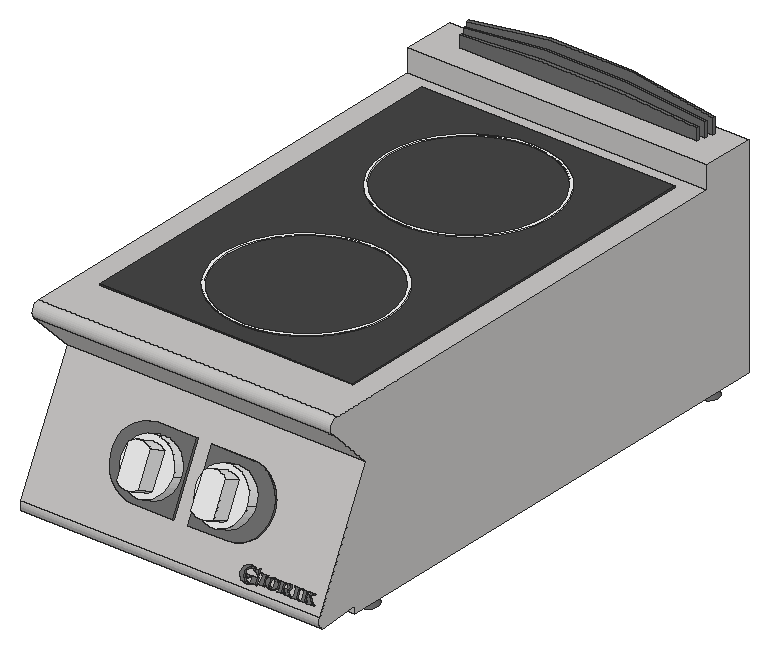
Revit family "QF_GIORIK_CI720T", category Specialty Equipment, Revit 2014
Parameters (values of type "CI720T")
  Weight in Pounds = 99.2079
  Watts = 7000 W
  Volts = 400 V
  URL Cutsheet = "www.giorik.com"
  URL = "www.giorik.com"
  Status [instance] = ""
  Specification by User [instance] = ""
  Specification by Manufacturer = ""
  Show Logo [instance] = yes
  Show Clearance [instance] = yes
  Serial Number = ""
  Seismic Rating = ""
  SMACNA No = ""
  Revision Code [instance] = ""
  Phase = 3
  Number of Poles [instance] = 3
  NAFEM Spec ID Number = ""
  Model = "CI720T"
  Min Ckt Ampacity = 0 A
  Max Overcurrent Protection = 0 A
  Masterspec = ""
  Manufacturer = "GIORIK"
  Item Number [instance] = ""
  Installed By [instance] = ""
  Identify Quantity as Lot [instance] = no
  HP = "9.387140000000"
  Furnished By [instance] = ""
  Foodservice Equipment Identifier [instance] = yes
  FL Amps = 0 A
  Electrical Remarks [instance] = ""
  Electric Connection Type [instance] = ""
  Elec Conn RI Height [instance] = 0 mm
  Elec Conn Connection Height [instance] = 20 mm
  Description = "2 ZONE INDUCTION HOB - COUNTERTOP VERSION"
  Cycle = 50 Hz
  Conn Plug = ""
  CSI MasterFormat = ""
  Assembly Code = "E1090320"
  Apparent Power = 7000 VA
Reference planes
  plane 1 "Back": y = 0
  plane 2: z = 0
  plane 3 "Left": x = 0
  plane 4 "Right": x = 400
  plane 5 "Front": y = -720
  plane 6 "Top": z = 300
Forms (mm)
  Extrusion 1, solid, visible <- "Show Logo"
    sketch origin (196.604, -736.761, 9.486) x (-1, 0, 0) y (0, 0.452718, 0.891654)
      loop
        line (-118.824, 58.358) -> (-127.804, 58.358) -> (-125.523, 56.445) -> (-125.523, 48.027) -> (-127.804, 46.113) -> (-118.824, 46.113) -> (-121.105, 48.027) -> (-121.105, 56.445) -> (-118.824, 58.358)
      loop
        line (-163.721, 58.358) -> (-172.7, 58.358) -> (-170.42, 56.445) -> (-170.42, 48.027) -> (-172.7, 46.113) -> (-163.721, 46.113) -> (-166.001, 48.027) -> (-166.001, 56.445) -> (-163.721, 58.358)
      loop
        line (-174.332, 58.358) -> (-183.312, 58.358) -> (-181.031, 56.445) -> (-181.031, 52.435) -> (-186.419, 56.955) -> (-184.416, 58.358) -> (-191.268, 58.358) -> (-188.01, 56.839) -> (-185.455, 54.283) -> (-190.846, 47.858) -> (-193.396, 46.93) -> (-193.396, 46.113) -> (-184.416, 46.113) -> (-185.437, 47.571) -> (-182.443, 51.552) -> (-181.031, 50.894) -> (-181.031, 48.027) -> (-183.312, 46.113) -> (-174.332, 46.113) -> (-176.613, 48.027) -> (-176.613, 56.445) -> (-174.332, 58.358)
      loop
        line (-115.429, 62.063) -> (-115.429, 54.198)
        arc (-115.429, 54.198) -> (-111.618, 57.803) -> (-106.847, 59.986) r 16.039
        arc (-106.847, 59.986) -> (-103.314, 59.837) -> (-100.512, 57.68) r 5.851
        arc (-100.512, 57.68) -> (-98.815, 52.267) -> (-100.512, 46.853) r 9.479
        arc (-100.512, 46.853) -> (-102.406, 44.986) -> (-104.846, 43.93) r 7.236
        arc (-104.846, 43.93) -> (-107.728, 44.111) -> (-110.052, 45.825) r 5.11
        line (-110.052, 45.825) -> (-110.052, 52.001) -> (-116.141, 52.001) -> (-116.141, 45.503) -> (-117.893, 43.751) -> (-114.094, 44.769)
        arc (-114.094, 44.769) -> (-112.56, 44.947) -> (-111.129, 44.366) r 3.115
        arc (-111.129, 44.366) -> (-104.216, 42.091) -> (-97.303, 44.366) r 11.641
        arc (-97.303, 44.366) -> (-93.396, 52.107) -> (-97.303, 59.849) r 9.622
        arc (-97.303, 59.849) -> (-104.369, 62.174) -> (-111.435, 59.849) r 11.898
        line (-111.435, 59.849) -> (-115.429, 62.063)
      loop
        arc (-129.234, 56.068) -> (-135.893, 58.628) -> (-142.552, 56.068) r 9.941
        arc (-142.552, 56.068) -> (-144.234, 52.286) -> (-142.552, 48.505) r 5.093
        arc (-142.552, 48.505) -> (-135.893, 45.945) -> (-129.234, 48.505) r 9.941
        arc (-129.234, 48.505) -> (-127.552, 52.286) -> (-129.234, 56.068) r 5.093
      loop
        arc (-132.628, 54.403) -> (-135.893, 57.668) -> (-139.158, 54.403) r 3.265
        line (-139.158, 54.403) -> (-139.158, 50.169)
        arc (-139.158, 50.169) -> (-135.893, 46.904) -> (-132.628, 50.169) r 3.265
        line (-132.628, 50.169) -> (-132.628, 54.403)
      loop
        arc (-156.363, 58.365) -> (-159.647, 55.081) -> (-156.363, 51.796) r 3.285
        line (-156.363, 51.796) -> (-159.529, 47.306) -> (-162.087, 46.113) -> (-155.847, 46.113) -> (-153.529, 51.083) -> (-150.637, 51.083) -> (-150.637, 47.784) -> (-153.022, 46.113) -> (-144.011, 46.113) -> (-146.094, 47.68) -> (-146.094, 56.493) -> (-144.229, 58.365) -> (-156.363, 58.365)
      loop
        line (-150.637, 57.512) -> (-153.637, 57.512)
        arc (-153.637, 57.512) -> (-156.237, 54.912) -> (-153.637, 52.312) r 2.6
        line (-153.637, 52.312) -> (-150.637, 52.312) -> (-150.637, 57.512)
      loop
        line (-108.924, 52.001) -> (-104.936, 49.005) -> (-100.948, 52.001) -> (-108.924, 52.001)
    from 1.5 to -0.5
  Extrusion 2, solid
    sketch origin (0, 1000, -620) x (0, 1, 0) y (0, 0, 1)
      loop
        line (-1000, 919.988) -> (-1070, 919.988) -> (-1070, 889.988) -> (-1688.806, 889.988)
        arc (-1688.806, 889.988) -> (-1699.151, 883.075) -> (-1696.724, 870.873) r 11.197
        line (-1696.724, 870.873) -> (-1640.876, 815.025) -> (-1718.948, 661.258)
        arc (-1718.948, 661.258) -> (-1718.233, 650.105) -> (-1708.118, 645.354) r 10.981
        line (-1708.118, 645.354) -> (-1660, 649.925) -> (-1660, 640) -> (-1000, 640) -> (-1000, 919.988)
    from 0 to 400
  Extrusion 3, solid
    sketch origin (-273.221, -963.345, -547.637) x (1, 0, 0) y (0, 0.452718, 0.891654)
      loop
        line (463.221, 676.25) -> (463.221, 766.25) -> (409.698, 766.25)
        arc (409.698, 766.25) -> (364.698, 721.25) -> (409.698, 676.25) r 45
        line (409.698, 676.25) -> (463.221, 676.25)
    from 48 to 50
  Extrusion 4, solid
    sketch origin (501.331, -1008.697, -525.041) x (-1, 0, 0) y (0, -0.45351, -0.891251)
      loop
        circle (351.331, -721.346) r 35
    from 0 to 15
  Extrusion 5, solid
    sketch origin (501.331, -1008.697, -525.041) x (-1, 0, 0) y (0, -0.45351, -0.891251)
      loop
        arc (336.331, -743.846) -> (351.331, -748.846) -> (366.331, -743.846) r 25
        line (366.331, -743.846) -> (366.331, -698.846)
        arc (366.331, -698.846) -> (351.331, -693.846) -> (336.331, -698.846) r 25
        line (336.331, -698.846) -> (336.331, -743.846)
    from 15 to 40
  Extrusion 6, solid
    sketch origin (-94, 0, -610.002) x (1, 0, 0) y (0, 0, 1)
      loop
        line (135, 909.989) -> (453, 909.989) -> (453, 925.527) -> (347.056, 931.749) -> (240.944, 931.749) -> (135, 925.527) -> (135, 909.989)
    from 32 to 35
  Extrusion 7, solid
    sketch origin (-92, 10, -610.002) x (1, 0, 0) y (0, 0, 1)
      loop
        line (454, 909.989) -> (454, 928.527) -> (346.162, 939.193) -> (237.838, 939.193) -> (130, 928.527) -> (130, 909.989) -> (454, 909.989)
    from 32 to 35
  Extrusion 8, solid
    sketch origin (-90, 20, -610.002) x (1, 0, 0) y (0, 0, 1)
      loop
        line (455, 909.989) -> (455, 930.527) -> (345.396, 947.413) -> (234.604, 947.413) -> (125, 930.527) -> (125, 909.989) -> (455, 909.989)
    from 32 to 35
  Extrusion 9, solid
    sketch origin (673.255, -963.345, -547.637) x (-1, 0, 0) y (0, -0.452718, -0.891654)
      loop
        line (463.221, -676.25) -> (409.698, -676.25)
        arc (409.698, -676.25) -> (364.698, -721.25) -> (409.698, -766.25) r 45
        line (409.698, -766.25) -> (463.221, -766.25) -> (463.221, -676.25)
    from 48 to 50
  Extrusion 10, solid
    sketch origin (-101.297, -1008.697, -525.041) x (1, 0, 0) y (0, 0.45351, 0.891251)
      loop
        circle (351.331, 721.346) r 35
    from 0 to 15
  Extrusion 11, solid
    sketch origin (-101.297, -1008.697, -525.041) x (1, 0, 0) y (0, 0.45351, 0.891251)
      loop
        line (336.331, 743.846) -> (336.331, 698.846)
        arc (336.331, 698.846) -> (351.331, 693.846) -> (366.331, 698.846) r 25
        line (366.331, 698.846) -> (366.331, 743.846)
        arc (366.331, 743.846) -> (351.331, 748.846) -> (336.331, 743.846) r 25
    from 15 to 40
  Extrusion 12, solid
    sketch origin (0, 0, 221) x (0, 1, 0) y (-1, 0, 0)
      loop
        line (-625, -30) -> (-625, -370) -> (-85, -370) -> (-85, -30) -> (-625, -30)
    from 48 to 50
  Extrusion 13, solid
    sketch origin (10, -722.5, 248.488) x (0, -1, 0) y (1, 0, 0)
      loop
        circle (-231.5, 189.999) r 110
      loop
        circle (-231.5, 189.999) r 106.5
    from 23 to 20.512
  Extrusion 14, solid
    sketch origin (10, -450.5, 248.488) x (0, -1, 0) y (1, 0, 0)
      loop
        circle (-231.5, 189.999) r 110
      loop
        circle (-231.5, 189.999) r 106.5
    from 23 to 20.512
  Extrusion 15, solid
    sketch origin (-4, 0, 0) x (1, 0, 0) y (0, 1, 0)
      loop
        circle (54, -385) r 12.5
    from 5 to 20
  Extrusion 16, solid
    sketch origin (543.603, 45.293, -30) x (0, 1, 0) y (-1, 0, 0)
      loop
        circle (-79.293, 516.603) r 5
    from 41.965 to 50
  Revolve 17, solid
    sketch origin (27, 49.943, -600) x (0, 1, 0) y (0, 0, 1)
      loop
        line (-83.943, 611.965) -> (-94.752, 611.965) -> (-97.943, 600) -> (-83.943, 600) -> (-83.943, 611.965)
      axis (-83.943, 611.965) -> (-83.943, 600)
    angle from 0 to 360
  Extrusion 18, solid
    sketch origin (543.603, -524.707, -30) x (0, 1, 0) y (-1, 0, 0)
      loop
        circle (-79.293, 516.603) r 5
    from 41.965 to 50
  Revolve 19, solid
    sketch origin (27, -520.057, -600) x (0, 1, 0) y (0, 0, 1)
      loop
        line (-83.943, 611.965) -> (-94.752, 611.965) -> (-97.943, 600) -> (-83.943, 600) -> (-83.943, 611.965)
      axis (-83.943, 611.965) -> (-83.943, 600)
    angle from 0 to 360
  Extrusion 20, solid
    sketch origin (-143.603, 45.293, -30) x (0, 1, 0) y (-1, 0, 0)
      loop
        circle (-79.293, -516.603) r 5
    from 41.965 to 50
  Revolve 21, solid
    sketch origin (373, 49.943, -600) x (0, 1, 0) y (0, 0, -1)
      loop
        line (-83.943, -611.965) -> (-83.943, -600) -> (-97.943, -600) -> (-94.752, -611.965) -> (-83.943, -611.965)
      axis (-83.943, -611.965) -> (-83.943, -600)
    angle from 0 to 360
  Extrusion 22, solid
    sketch origin (-143.603, -524.707, -30) x (0, 1, 0) y (-1, 0, 0)
      loop
        circle (-79.293, -516.603) r 5
    from 41.965 to 50
  Revolve 23, solid
    sketch origin (373, -520.057, -600) x (0, 1, 0) y (0, 0, -1)
      loop
        line (-83.943, -611.965) -> (-83.943, -600) -> (-97.943, -600) -> (-94.752, -611.965) -> (-83.943, -611.965)
      axis (-83.943, -611.965) -> (-83.943, -600)
    angle from 0 to 360
Lines and regions (mm)
  symbolic lines, style "200-EquipBorder-2D"
    curve 1: line (0, -720, 0) -> (400, -720, 0)
    curve 2: line (400, -720, 0) -> (400, 0, 0)
    curve 3: line (400, 0, 0) -> (0, 0, 0)
    curve 4: line (0, 0, 0) -> (0, -720, 0)
  symbolic lines, style "200-EquipInternal-2D"
    curve 5: line (0, -70, 300) -> (400, -70, 300)
    curve 6: line (35, -12, 900) -> (365, -12, 900)
    curve 7: line (365, -12, 900) -> (365, -15, 900)
    curve 8: line (365, -15, 900) -> (35, -15, 900)
    curve 9: line (35, -15, 900) -> (35, -12, 900)
    curve 10: line (38, -22, 900) -> (362, -22, 900)
    curve 11: line (362, -22, 900) -> (362, -25, 900)
    curve 12: line (362, -25, 900) -> (38, -25, 900)
    curve 13: line (38, -25, 900) -> (38, -22, 900)
    curve 14: line (41, -32, 900) -> (359, -32, 900)
    curve 15: line (359, -32, 900) -> (359, -35, 900)
    curve 16: line (359, -35, 900) -> (41, -35, 900)
    curve 17: line (41, -35, 900) -> (41, -32, 900)
    curve 18: line (370, -85, 300) -> (30, -85, 300)
    curve 19: line (370, -625, 300) -> (370, -85, 300)
    curve 20: line (30, -85, 300) -> (30, -625, 300)
    curve 21: line (30, -625, 300) -> (370, -625, 300)
    curve 22: circle (199.999, -219, 300) r 110 normal (0, 0, 1)
    curve 23: circle (199.999, -219, 300) r 106.5 normal (0, 0, 1)
    curve 24: circle (199.999, -491, 300) r 110 normal (0, 0, 1)
    curve 25: circle (199.999, -491, 300) r 106.5 normal (0, 0, 1)
Dimensions and locks
  plane 3 "Left" to plane 4 "Right" = 400 mm
  plane 5 "Front" to plane 1 "Back" = 720 mm
  plane 4 "Right" to plane 3 "Left" = 400 mm
  plane 1 "Back" to plane 5 "Front" = 720 mm
  plane 6 "Top" to level = 300 mm  (x2)
  aligned and locked: level to plane 2
Connectors
  electrical at (50, -385, 5), driven by "Apparent Power", driven by "Volts", driven by "Number of Poles"
    settings: on Extrusion 15, index 5, voltage 400 V, apparent load 0 VA, apparent load phase1 7000 VA, apparent load phase2 0 VA, apparent load phase3 0 VA, power factor 1, load classification "Other", number of poles 3, system type 31, power factor state 1, is connector primary yes, connector utility no, sub classification motor no, connector description "Electrical connection"
